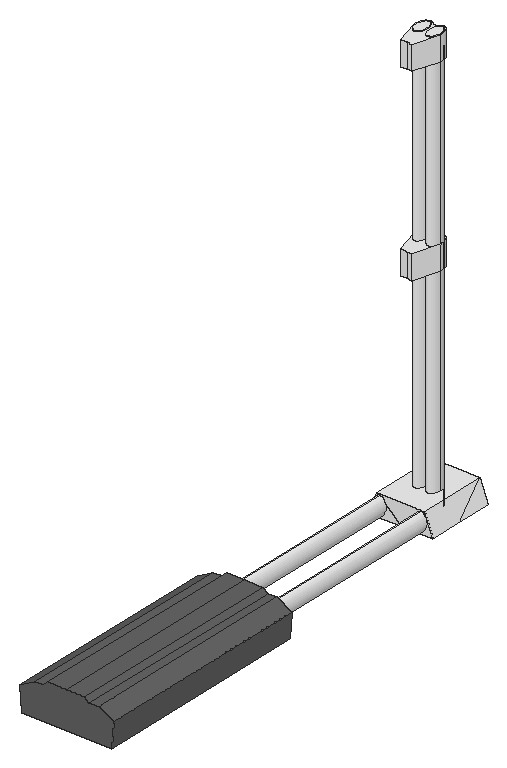
Revit family "HCL_Latchways_BaluAndGuardSym_VersiRail_Folding", category Railings, host Face, Revit 2014
Parameters (values of type "BalustradeAndGuardingSystem_VersiRailFolding_StraightStraight_MSA_Latchways")
  WarrantyStartDate [instance] = "1900-12-31T23:59:59"
  WarrantyGuarantorParts = "n/a"
  WarrantyGuarantorLabor = "n/a"
  WarrantyDurationUnit = "year"
  WarrantyDurationParts = "n/a"
  WarrantyDurationLabor = "n/a"
  WarrantyDescription = "n/a"
  Version = "1"  # constant formula
  Uniclass2 = "Ss_25_15_60_05"
  URL = "www.latchways.com"
  Type Comments = "n/a"
  TagNumber [instance] = "n/a"
  SustainabilityPerformance = "n/a"
  SupportMaterial = LWplc_Latchwaysplc_Aluminium_Polished
  StraightUpright = yes
  StraightLeg = yes
  Size = "235 x 1310 x 1150 mm"
  Shape = "n/a"
  ServiceLifeDuration = "n/a"
  SerialNumber [instance] = "n/a"
  RightLeg = no
  Revision = "n/a"
  ReplacementCost = "n/a"
  Reference = "n/a"
  RailMaterial = LWplc_Latchwaysplc_Aluminium_Polished
  RailAngle = 90.00°
  ProductInformation = "www.latchways.com/BIM/Latchways_FreestandingFoldingStraightVersiRail_Datasheet.pdf"
  NominalWidth = 253 mm
  NominalLength = 1310 mm
  NominalHeight = 1150 mm
  Name = "BalustradeAndGuardingSystem_VersiRailFolding_StraightStraight_MSA_Latchways"
  NBSReference = "25-25-10/110"
  NBSNote = "n/a"
  NBSDescription = "Balustrade and guarding system"
  ModelReference = "VersiRail - Straight Freestanding Foldable assembly"
  ModelNumber = "22304-00+22080-01"
  Model = "22304-00+22080-01"
  Material = "Handrails & Uprights: Aluminium; Counterweight: Concrete filled HDPE with UV protection"
  ManufacturerURL = "www.latchways.com"
  ManufacturerName = "MSA Latchways"
  Manufacturer = "info@latchways.com"
  LeftLeg = no
  IsExternal = yes
  Installer Website = "https://www.hclsafety.com/"
  Installer Info = "https://www.hclsafety.com/wp-content/uploads/2017/10/AC55-HCL-A4-brochure-2017.pdf"
  InstallationDate [instance] = "1900-12-31T23:59:59"
  InclinedUpright = no
  IfcExportType = "IfcRailing"  # constant formula
  IfcExportAs = "GUARDRAIL"  # constant formula
  Height = 1150 mm
  Grade = "n/a"
  Finish = "n/a"
  Features = "n/a"
  ExpectedLife = "n/a"
  DurationUnit = "year"
  Diameter = 40 mm
  Description = "Latchways ManSafe® for Roofing, using VersiRail"
  Default Elevation = 1219.2 mm
  CurvedUpright = no
  CounterWeightMaterial = LWplc_Latchwaysplc_Plastic_VersiRailWeight
  Constituents = "n/a"
  Color = "n/a"
  CodePerformance = "n/a"
  Category = "n/a"
  BarCode [instance] = "n/a"
  BIMObjectName = "HCL_Latchwaysplc_BalustradeAndGuardingSystem_VersiRailFolding_StraightStraight"
  Author = "MSA Latchways"  # constant formula
  AssetType = "Movable"
  AssetIdentifier [instance] = "n/a"
  AccessibilityPerformance = "n/a"
Types (10, lengths in mm): name | StraightUpright | StraightLeg | RightLeg | Name | ModelNumber | Model | ManufacturerName | LeftLeg | InclinedUpright | CurvedUpright | CounterWeightMaterial | BIMObjectName
  (no name) | yes | yes | no | "BalustradeAndGuardingSystem_VersiRailFolding_StraightStraight_MSA_Latchways" | "22304-00+22080-01" | "22304-00+22080-01" | "MSA Latchways" | no | no | no | LWplc_Latchwaysplc_Plastic_VersiRailWeight | "HCL_Latchwaysplc_BalustradeAndGuardingSystem_VersiRailFolding_StraightStraight"
  BalustradeAndGuardingSystem_VersiRailFolding_CurvedLeft_MSA_Latchways | no | no | no | "BalustradeAndGuardingSystem_VersiRailFolding_CurvedLeft_MSA_Latchways" | "22303-00+22080-01" | "22303-00+22080-01" | "MSA Latchways" | yes | no | yes | LWplc_Latchwaysplc_VersiRailWeight | "HCL_Latchways_BalustradeAndGuardingSystem_VersiRailFolding_CurvedLeft"
  BalustradeAndGuardingSystem_VersiRailFolding_CurvedRight_MSA_Latchways | no | no | yes | "BalustradeAndGuardingSystem_VersiRailFolding_CurvedRight_MSA_Latchways" | "22304-00+22080-01" | "22304-00+22080-01" | "MSA_Latchways" | no | no | yes | LWplc_Latchwaysplc_VersiRailWeight | "HCL_Latchways_BalustradeAndGuardingSystem_VersiRailFolding_CurvedRight"
  BalustradeAndGuardingSystem_VersiRailFolding_CurvedStraight_MSA_Latchways | no | yes | no | "BalustradeAndGuardingSystem_VersiRailFolding_CurvedStraight_MSA_Latchways" | "22303-00+22080-01" | "22303-00+22080-01" | "MSA Latchways" | no | no | yes | LWplc_Latchwaysplc_VersiRailWeight | "HCL_Latchwaysplc_BalustradeAndGuardingSystem_VersiRailFolding_CurvedStraight"
  BalustradeAndGuardingSystem_VersiRailFolding_InclinedLeft_MSA_Latchways | no | no | no | "BalustradeAndGuardingSystem_VersiRailFolding_InclinedLeft_MSA_Latchways" | "22303-00+22080-01" | "22303-00+22080-01" | "MSA Latchways" | yes | yes | no | LWplc_Latchwaysplc_VersiRailWeight | "HCL_Latchways_BalustradeAndGuardingSystem_VersiRailFolding_InclinedLeft"
  BalustradeAndGuardingSystem_VersiRailFolding_InclinedRight_MSA_Latchways | no | no | yes | "BalustradeAndGuardingSystem_VersiRailFolding_InclinedRight_MSA_Latchways" | "22304-00+22080-01" | "22304-00+22080-01" | "MSA Latchways" | no | yes | no | LWplc_Latchwaysplc_VersiRailWeight | "HCL_Latchways_BalustradeAndGuardingSystem_VersiRailFolding_InclinedRight"
  BalustradeAndGuardingSystem_VersiRailFolding_InclinedStraight_MSA_Latchways | no | yes | no | "BalustradeAndGuardingSystem_VersiRailFolding_InclinedStraight_MSA_Latchways" | "22303-00+22080-01" | "22303-00+22080-01" | "MSA Latchways" | no | yes | no | LWplc_Latchwaysplc_VersiRailWeight | "HCL_Latchways_BalustradeAndGuardingSystem_VersiRailFolding_InclinedStraight"
  BalustradeAndGuardingSystem_VersiRailFolding_StraightLeft_MSA_Latchways | yes | no | no | "BalustradeAndGuardingSystem_VersiRailFolding_StraightLeft_MSA_Latchways" | "22303-00+22080-01" | "22303-00+22080-01" | "MSA Latchways" | yes | no | no | LWplc_Latchwaysplc_VersiRailWeight | "HCL_Latchways_BalustradeAndGuardingSystem_VersiRailFolding_StraightLeft"
  BalustradeAndGuardingSystem_VersiRailFolding_StraightRight_MSA_Latchways | yes | no | yes | "BalustradeAndGuardingSystem_VersiRailFolding_StraightRight_MSA_Latchways" | "22304-00+22080-01" | "22304-00+22080-01" | "MSA Latchways" | no | no | no | LWplc_Latchwaysplc_VersiRailWeight | "HCL_Latchways_BalustradeAndGuardingSystem_VersiRailFolding_StraightRight"
  BalustradeAndGuardingSystem_VersiRailFolding_StraightStraight_MSA_Latchways | yes | yes | no | "BalustradeAndGuardingSystem_VersiRailFolding_StraightStraight_MSA_Latchways" | "22304-00+22080-01" | "22304-00+22080-01" | "MSA Latchways" | no | no | no | LWplc_Latchwaysplc_Plastic_VersiRailWeight | "HCL_Latchwaysplc_BalustradeAndGuardingSystem_VersiRailFolding_StraightStraight"
Reference planes
  plane 1 "Center (Front/Back)": y = 0
  plane 2: z = 0
  plane 3 "Center (Left/Right)": x = 0
Forms (mm)
  Blend 1, solid, material "LWplc_Latchwaysplc_Aluminium_Polished" <- "SupportMaterial"
    base sketch origin (-1219.2, 0, 0) x (1, 0, 0) y (0, 1, 0)
      loop
        line (1219.2, -93) -> (1305.2, -93) -> (1305.2, 0) -> (1305.2, 93) -> (1254.2, 111) -> (1219.2, 111) -> (1184.2, 111) -> (1133.2, 93) -> (1133.2, 0) -> (1133.2, -93) -> (1219.2, -93)
    top sketch origin (-1219.2, 0, 0) x (1, 0, 0) y (0, 1, 0)
      loop
        line (1154.4, 93.2) -> (1154.4, -93) -> (1284, -93) -> (1284, 93.2) -> (1219.2, 93.2) -> (1154.4, 93.2)
    from 0 to 58.3
  Extrusion 2, solid, material "LWplc_Latchwaysplc_Aluminium_Polished" <- "SupportMaterial", visible <- "StraightLeg"
    sketch origin (0, 0, 0) x (1, 0, 0) y (0, 0, 1)
      loop
        spline (-54.9, 55) -> (-58.705, 54.182) -> (-62.25, 51.785) -> (-65.294, 47.971) -> (-67.631, 43) -> (-69.099, 37.212) -> (-69.6, 31) -> (-69.099, 24.788) -> (-67.631, 19) -> (-65.294, 14.029) -> (-62.25, 10.215) -> (-58.705, 7.818) -> (-54.9, 7)
        spline (-54.9, 7) -> (-51.095, 7.818) -> (-47.55, 10.215) -> (-44.506, 14.029) -> (-42.169, 19) -> (-40.701, 24.788) -> (-40.2, 31) -> (-40.701, 37.212) -> (-42.169, 43) -> (-44.506, 47.971) -> (-47.55, 51.785) -> (-51.095, 54.182) -> (-54.9, 55)
      loop
        spline (54.9, 55) -> (51.095, 54.182) -> (47.55, 51.785) -> (44.506, 47.971) -> (42.169, 43) -> (40.701, 37.212) -> (40.2, 31) -> (40.701, 24.788) -> (42.169, 19) -> (44.506, 14.029) -> (47.55, 10.215) -> (51.095, 7.818) -> (54.9, 7)
        spline (54.9, 7) -> (58.705, 7.818) -> (62.25, 10.215) -> (65.294, 14.029) -> (67.631, 19) -> (69.099, 24.788) -> (69.6, 31) -> (69.099, 37.212) -> (67.631, 43) -> (65.294, 47.971) -> (62.25, 51.785) -> (58.705, 54.182) -> (54.9, 55)
    from 93 to 946
  Sweep 3, solid, material "LWplc_Latchwaysplc_Aluminium_Polished" <- "SupportMaterial", visible <- "LeftLeg"
    path origin (-2.5, 0, 0) x (1, 0, 0) y (0, 1, 0)
      loop
        arc (40.056, -82.888) -> (61.188, -180.833) -> (120.984, -261.233) r 236.461
        line (120.984, -261.233) -> (375, -515.249)
    profile origin (58.688, -180.833, 0) x (0.910632, 0.413219, 0) y (0, 0, 1)
      loop
        spline (17.303, 55) -> (13.86, 54.182) -> (10.653, 51.785) -> (7.898, 47.971) -> (5.784, 43) -> (4.456, 37.212) -> (4.003, 31) -> (4.456, 24.788) -> (5.784, 19) -> (7.898, 14.029) -> (10.653, 10.215) -> (13.86, 7.818) -> (17.303, 7)
        spline (17.303, 7) -> (20.745, 7.818) -> (23.953, 10.215) -> (26.707, 14.029) -> (28.821, 19) -> (30.149, 24.788) -> (30.603, 31) -> (30.149, 37.212) -> (28.821, 43) -> (26.707, 47.971) -> (23.953, 51.785) -> (20.745, 54.182) -> (17.303, 55)
  Sweep 4, solid, material "LWplc_Latchwaysplc_Aluminium_Polished" <- "SupportMaterial", visible <- "LeftLeg"
    path origin (-114.659, 0, 0) x (1, 0, 0) y (0, 1, 0)
      loop
        arc (40.056, -82.888) -> (61.188, -180.833) -> (120.984, -261.233) r 236.461
        line (120.984, -261.233) -> (375, -515.249)
    profile origin (-53.471, -180.833, 0) x (0.910632, 0.413219, 0) y (0, 0, 1)
      loop
        spline (17.303, 55) -> (13.86, 54.182) -> (10.653, 51.785) -> (7.898, 47.971) -> (5.784, 43) -> (4.456, 37.212) -> (4.003, 31) -> (4.456, 24.788) -> (5.784, 19) -> (7.898, 14.029) -> (10.653, 10.215) -> (13.86, 7.818) -> (17.303, 7)
        spline (17.303, 7) -> (20.745, 7.818) -> (23.953, 10.215) -> (26.707, 14.029) -> (28.821, 19) -> (30.149, 24.788) -> (30.603, 31) -> (30.149, 37.212) -> (28.821, 43) -> (26.707, 47.971) -> (23.953, 51.785) -> (20.745, 54.182) -> (17.303, 55)
  Sweep 5, solid, material "LWplc_Latchwaysplc_Aluminium_Polished" <- "SupportMaterial", visible <- "RightLeg"
    path origin (2.5, 0, 0) x (-1, 0, 0) y (0, 1, 0)
      loop
        arc (40.056, -82.888) -> (61.188, -180.833) -> (120.984, -261.233) r 236.461
        line (120.984, -261.233) -> (375, -515.249)
    profile origin (-58.688, -180.833, 0) x (0.910632, -0.413219, 0) y (0, 0, 1)
      loop
        spline (-17.303, 55) -> (-20.745, 54.182) -> (-23.953, 51.785) -> (-26.707, 47.971) -> (-28.821, 43) -> (-30.149, 37.212) -> (-30.603, 31) -> (-30.149, 24.788) -> (-28.821, 19) -> (-26.707, 14.029) -> (-23.953, 10.215) -> (-20.745, 7.818) -> (-17.303, 7)
        spline (-17.303, 7) -> (-13.86, 7.818) -> (-10.653, 10.215) -> (-7.898, 14.029) -> (-5.784, 19) -> (-4.456, 24.788) -> (-4.003, 31) -> (-4.456, 37.212) -> (-5.784, 43) -> (-7.898, 47.971) -> (-10.653, 51.785) -> (-13.86, 54.182) -> (-17.303, 55)
  Sweep 6, solid, material "LWplc_Latchwaysplc_Aluminium_Polished" <- "SupportMaterial", visible <- "RightLeg"
    path origin (114.659, 0, 0) x (-1, 0, 0) y (0, 1, 0)
      loop
        arc (40.056, -82.888) -> (61.188, -180.833) -> (120.984, -261.233) r 236.461
        line (120.984, -261.233) -> (375, -515.249)
    profile origin (53.471, -180.833, 0) x (0.910632, -0.413219, 0) y (0, 0, 1)
      loop
        spline (-17.303, 55) -> (-20.745, 54.182) -> (-23.953, 51.785) -> (-26.707, 47.971) -> (-28.821, 43) -> (-30.149, 37.212) -> (-30.603, 31) -> (-30.149, 24.788) -> (-28.821, 19) -> (-26.707, 14.029) -> (-23.953, 10.215) -> (-20.745, 7.818) -> (-17.303, 7)
        spline (-17.303, 7) -> (-13.86, 7.818) -> (-10.653, 10.215) -> (-7.898, 14.029) -> (-5.784, 19) -> (-4.456, 24.788) -> (-4.003, 31) -> (-4.456, 37.212) -> (-5.784, 43) -> (-7.898, 47.971) -> (-10.653, 51.785) -> (-13.86, 54.182) -> (-17.303, 55)
Lines and regions (mm)
  reference lines
    curve 1: line (0, 0, 0) -> (0, -1300, 0)
    curve 2: line (0, 0, 0) -> (0, 0, 1260)
  symbolic lines, style "Projected Supports"
    curve 3: line (0, -12.422, 106.415) -> (0, -1060.451, 387.234)
    curve 4: line (0, -1060.451, 387.234) -> (0, -1059.415, 391.101)
    curve 5: line (0, -1059.415, 391.101) -> (0, -1122.2, 407.924)
    curve 6: line (0, -1122.2, 407.924) -> (0, -1148.662, 309.166)
    curve 7: line (0, -1148.662, 309.166) -> (0, -1085.877, 292.343)
    curve 8: line (0, -12.422, 106.415) -> (0, -25.314, 58.3)
    curve 9: line (0, -25.314, 58.3) -> (0, -585.551, 208.415)
    curve 10: line (0, -572.659, 256.53) -> (0, -598.084, 161.64)
    curve 11: line (0, -598.084, 161.64) -> (0, -660.87, 178.463)
    curve 12: line (0, -660.87, 178.463) -> (0, -635.444, 273.353)
    curve 13: line (0, -648.44, 224.85) -> (0, -1073.448, 338.73)
    curve 14: line (0, -1060.451, 387.234) -> (0, -1085.877, 292.343)
    curve 15: arc (0, -73.238, 1127.5) -> (0, -696.681, 924.58) -> (0, -1088.478, 398.888) r 1081.966
    curve 16: arc (0, -73.238, 622.5) -> (0, -389.245, 520.799) -> (0, -599.177, 263.636) r 585.558
    curve 17: line (0, -73.238, 1127.5) -> (0, 0, 1127.5)
    curve 18: line (0, -73.238, 622.5) -> (0, 0, 622.5)
    curve 19: line (0, -604.051, 264.942) -> (0, -629.477, 170.051)
    curve 20: line (0, -1088.478, 398.888) -> (0, -1114.94, 300.131)
Dimensions and locks
  "RailAngle": angle curve 1 to curve 2
  aligned and locked: plane 2 to host face
  aligned and locked: level to host face
  aligned and locked: Extrusion 2 to Blend 1
Automatic sketch dimensions
  host sketch curve to host sketch curve = 2439.2 mm
  host sketch curve to host sketch curve = 3060.661 mm
  plane 1 "Center (Front/Back)" to Blend 1 sketch curve = 0 mm  (x2)
  Blend 1 sketch curve to plane 3 "Center (Left/Right)" = 0 mm  (x3)
  plane 1 "Center (Front/Back)" to Blend 1 sketch curve = 93 mm  (x2)
  Blend 1 sketch curve to plane 3 "Center (Left/Right)" = 35 mm
  Blend 1 sketch curve to plane 3 "Center (Left/Right)" = 86 mm
  Blend 1 sketch curve to Blend 1 sketch curve = 35 mm
  Blend 1 sketch curve to Blend 1 sketch curve = 51 mm
  Blend 1 sketch curve to plane 1 "Center (Front/Back)" = 93 mm  (x2)
  Blend 1 sketch curve to Blend 1 sketch curve = 18 mm
  Blend 1 sketch curve to plane 3 "Center (Left/Right)" = 64.8 mm
  Blend 1 sketch curve to Blend 1 sketch curve = 64.8 mm
  Blend 1 sketch curve to plane 1 "Center (Front/Back)" = 93.2 mm
  Extrusion 2 sketch curve to plane 3 "Center (Left/Right)" = 54.9 mm
  plane 3 "Center (Left/Right)" to Extrusion 2 sketch curve = 54.9 mm
  level to Extrusion 2 sketch curve = 31 mm  (x2)
  Extrusion 2 sketch curve to Extrusion 2 sketch curve = 24 mm  (x2)
  plane 3 "Center (Left/Right)" to Sweep 3 sketch curve = 118.484 mm
  plane 1 "Center (Front/Back)" to Sweep 3 sketch curve = 261.233 mm
  plane 3 "Center (Left/Right)" to Sweep 3 sketch curve = 37.556 mm
  plane 1 "Center (Front/Back)" to Sweep 3 sketch curve = 83.123 mm
  Sweep 3 sketch curve to Sweep 3 sketch curve = 236.461 mm
  Sweep 3 sketch curve to Sweep 3 sketch curve = 254.016 mm  (x2)
  Sweep 3 sketch curve to profile plane = 17.303 mm
  level to Sweep 3 sketch curve = 31 mm
  Sweep 3 sketch curve to Sweep 3 sketch curve = 24 mm
  plane 3 "Center (Left/Right)" to Sweep 4 sketch curve = 6.325 mm
  plane 1 "Center (Front/Back)" to Sweep 4 sketch curve = 261.233 mm
  Sweep 4 sketch curve to plane 3 "Center (Left/Right)" = 74.603 mm
  plane 1 "Center (Front/Back)" to Sweep 4 sketch curve = 83.123 mm
  plane 3 "Center (Left/Right)" to Sweep 4 sketch curve = 161.858 mm
  plane 3 "Center (Left/Right)" to Sweep 4 sketch curve = 260.341 mm
  Sweep 4 sketch curve to Sweep 4 sketch curve = 254.016 mm
  Sweep 4 sketch curve to profile plane = 17.303 mm
  level to Sweep 4 sketch curve = 31 mm
  Sweep 4 sketch curve to Sweep 4 sketch curve = 24 mm
  plane 3 "Center (Left/Right)" to Sweep 5 sketch curve = 118.484 mm
  Sweep 5 sketch curve to plane 1 "Center (Front/Back)" = 261.233 mm
  plane 3 "Center (Left/Right)" to Sweep 5 sketch curve = 37.556 mm
  Sweep 5 sketch curve to plane 1 "Center (Front/Back)" = 83.123 mm
  Sweep 5 sketch curve to Sweep 5 sketch curve = 155.533 mm
  Sweep 5 sketch curve to Sweep 5 sketch curve = 254.016 mm  (x2)
  profile plane to Sweep 5 sketch curve = 17.303 mm
  level to Sweep 5 sketch curve = 31 mm
  Sweep 5 sketch curve to Sweep 5 sketch curve = 24 mm
  plane 3 "Center (Left/Right)" to Sweep 6 sketch curve = 6.325 mm
  Sweep 6 sketch curve to plane 1 "Center (Front/Back)" = 261.233 mm
  Sweep 6 sketch curve to plane 3 "Center (Left/Right)" = 74.603 mm
  Sweep 6 sketch curve to plane 1 "Center (Front/Back)" = 83.123 mm
  plane 3 "Center (Left/Right)" to Sweep 6 sketch curve = 161.858 mm
  plane 3 "Center (Left/Right)" to Sweep 6 sketch curve = 260.341 mm
  Sweep 6 sketch curve to Sweep 6 sketch curve = 254.016 mm
  profile plane to Sweep 6 sketch curve = 17.303 mm
  level to Sweep 6 sketch curve = 31 mm
  Sweep 6 sketch curve to Sweep 6 sketch curve = 24 mm
  plane 1 "Center (Front/Back)" to curve 8 = 25.314 mm
  level to curve 8 = 58.3 mm
  plane 1 "Center (Front/Back)" to curve 8 = 12.422 mm
  curve 18 to plane 1 "Center (Front/Back)" = 0 mm
  curve 17 to plane 1 "Center (Front/Back)" = 0 mm
  curve 8 to curve 8 = 48.115 mm
  level to curve 10 = 161.64 mm
  curve 10 to curve 12 = 16.823 mm
  level to curve 7 = 292.343 mm
  curve 7 to curve 7 = 16.823 mm
  curve 7 to curve 4 = 94.891 mm
  curve 3 to curve 4 = 3.867 mm
  plane 1 "Center (Front/Back)" to curve 18 = 73.238 mm
  plane 1 "Center (Front/Back)" to curve 17 = 73.238 mm
  level to curve 16 = 37.11 mm
  curve 16 to curve 15 = 8.45 mm
  curve 19 to curve 11 = 8.412 mm
  curve 10 to curve 9 = 46.776 mm
  curve 11 to curve 13 = 46.387 mm
  curve 16 to curve 19 = 1.306 mm
  curve 7 to curve 20 = 7.787 mm
  curve 15 to curve 20 = 0 mm
  curve 16 to curve 15 = 6.621 mm
  level to curve 18 = 622.5 mm
  curve 1 to level = 0 mm
  curve 2 to plane 1 "Center (Front/Back)" = 0 mm
Nested families
  nested 1: "LWplc_VersiRail_CounterWeight" at (0, -617.5, 0), visible <- "StraightLeg", type "LWplc_VersiRail_CounterWeight"
  nested 2: "LWplc_VersiRail_CounterWeight" at (134.405, -301.595, 0) x (0.7071, 0.7071, 0) z (0, 0, 1), visible <- "LeftLeg", type "LWplc_VersiRail_CounterWeight"
  nested 3: "LWplc_VersiRail_CounterWeight" at (-134.405, -301.595, 0) x (-0.7071, 0.7071, 0) z (0, 0, 1), visible <- "RightLeg", type "LWplc_VersiRail_CounterWeight"
  nested 4: "LWplc_VersiRail_StraightUpright" at (0.525, -21.338, 0), visible <- "StraightUpright", type "LWplc_VersiRail_StraightUpright"
    with PostBaseGap 10 mm
  nested 5: "LWplc_VersiRail_InclinedUpright" at (1.22, 25.051, 0) x (-1, 0, 0) z (0, 0, 1), visible <- "InclinedUpright", type "LWplc_VersiRail_InclinedUpright"
    with PostBaseGap 10 mm
  nested 6: "LWplc_VersiRail_CurvedUpright" at (0.301, 3.305, 0) x (-1, 0, 0) z (0, 0, 1), visible <- "CurvedUpright", type "LWplc_VersiRail_CurvedUpright"
    with PostBaseGap 10 mm
Definition of nested family "LWplc_VersiRail_CounterWeight"
  Parameters (values of type "LWplc_VersiRail_CounterWeight")
    Default Elevation = 1219.2 mm
    CounterWeightWidth = 252 mm
    CounterWeightMaterial = LWplc_Latchwaysplc_Plastic_VersiRailWeight
    CounterWeightLength = 600 mm
    CounterWeightHeight = 100 mm
  Reference planes
    plane 1 "Center (Front/Back)": y = 0
    plane 2: z = 0
    plane 3 "Center (Left/Right)": x = 0
    plane 4: y = -600
    plane 5: x = -126
    plane 6: x = 126
    plane 7: x = -85.5
    plane 8: x = 85.5
    plane 9: x = -60.6
    plane 10: x = 60.6
    plane 11: x = -49.5
    plane 12: x = 49.5
    plane 13: z = 66.8
    plane 14: z = 88.9
    plane 15: z = 100
  Forms (mm)
    Extrusion 1, solid
      sketch origin (0, 0, 0) x (1, 0, 0) y (0, 1, 0)
        loop
          line (-1219.2, 1219.2) -> (-1219.2, -1219.2) -> (1219.2, -1219.2) -> (1219.2, 1219.2) -> (-1219.2, 1219.2)
      from 0 to -304.8
    Extrusion 2, solid, material "LWplc_Latchwaysplc_Plastic_VersiRailWeight" <- "CounterWeightMaterial", detail levels medium+fine
      sketch origin (0, 0, 0) x (1, 0, 0) y (0, 0, 1)
        loop
          line (0, 0) -> (120.3, 0) -> (126, 66.8) -> (85.5, 88.9) -> (60.6, 88.9) -> (49.5, 100) -> (0, 100) -> (-49.5, 100) -> (-60.6, 88.9) -> (-85.5, 88.9) -> (-126, 66.8) -> (-120.3, 0) -> (0, 0)
      from 0 to 600
    Extrusion 3, solid, material "LWplc_Latchwaysplc_Plastic_VersiRailWeight" <- "CounterWeightMaterial", detail levels coarse
      sketch origin (0, 0, 0) x (1, 0, 0) y (0, 0, 1)
        loop
          line (-126, 100) -> (-126, 0) -> (126, 0) -> (126, 100) -> (-126, 100)
      from 0 to 600
  Lines and regions (mm)
    model lines, detail levels fine
      curve 1: circle (0, -43.7, 100) r 25 normal (0, 0, 1)
      curve 2: circle (0, -143.7, 100) r 25 normal (0, 0, 1)
  Dimensions and locks
    "CounterWeightLength": plane 1 "Center (Front/Back)" to plane 4
    equal spacing: plane 5, plane 3 "Center (Left/Right)", plane 6
    "CounterWeightWidth": plane 6 to plane 5
    locked: plane 15 to plane 14 at 11.1
    "CounterWeightHeight": plane 15 to plane 2
    locked: plane 14 to plane 13 at 22.1
    aligned and locked: plane 2 to Extrusion 1
    aligned and locked: level to Extrusion 1
    aligned and locked: Extrusion 2 to plane 4
    aligned and locked: plane 15 to Extrusion 2
    aligned and locked: plane 5 to Extrusion 2 sketch curve
    aligned and locked: plane 6 to Extrusion 2 sketch curve
    aligned and locked: plane 14 to Extrusion 2  (x2)
    aligned and locked: Extrusion 3 sketch curve to plane 15
    aligned and locked: plane 5 to Extrusion 3 sketch curve
    aligned and locked: level to Extrusion 3 sketch curve
    aligned and locked: plane 6 to Extrusion 3 sketch curve
    aligned and locked: Extrusion 3 to plane 1 "Center (Front/Back)"
    aligned and locked: Extrusion 3 to plane 4
  Automatic sketch dimensions
    Extrusion 1 sketch curve to Extrusion 1 sketch curve = 2438.4 mm  (x2)
    Extrusion 2 sketch curve to level = 0 mm
    Extrusion 2 sketch curve to plane 7 = 0 mm
    plane 9 to Extrusion 2 sketch curve = 0 mm
    Extrusion 2 sketch curve to plane 11 = 0 mm
    Extrusion 2 sketch curve to plane 3 "Center (Left/Right)" = 0 mm  (x2)
    plane 12 to Extrusion 2 sketch curve = 0 mm
    Extrusion 2 sketch curve to plane 10 = 0 mm
    plane 8 to Extrusion 2 sketch curve = 0 mm
    Extrusion 2 sketch curve to plane 13 = 0 mm  (x2)
    Extrusion 2 sketch curve to plane 14 = 0 mm  (x2)
    Extrusion 2 sketch curve to plane 15 = 0 mm
    plane 5 to Extrusion 2 sketch curve = 5.7 mm
    plane 6 to Extrusion 2 sketch curve = 5.7 mm
    curve 1 to Extrusion 2 = 0 mm
    curve 2 to Extrusion 2 = 0 mm
    Extrusion 2 to curve 1 = 43.7 mm
    curve 1 to curve 2 = 100 mm
    radius of curve 1 = 25 mm
    radius of curve 2 = 25 mm
Definition of nested family "LWplc_VersiRail_StraightUpright"
  Parameters (values of type "LWplc_VersiRail_StraightUpright")
    RailMaterial = LWplc_Latchwaysplc_Aluminium_Polished
    PostBaseGap [instance] = 10 mm
    Heightof Post = 1150 mm
    Default Elevation = 1219.2 mm
  Reference planes
    plane 1 "Center (Front/Back)": y = 0
    plane 2: z = 0
    plane 3 "Center (Left/Right)": x = 0
    plane 4: z = 10
    plane 5: z = 1160
    plane 6: z = 1095
    plane 7: z = 655
    plane 8: z = 590
    plane 9: z = 1050
    plane 10: z = 622.5
    plane 11: y = -26.25
    plane 12: z = 1127.5
  Forms (mm)
    Extrusion 1, solid
      sketch origin (0, 0, 0) x (1, 0, 0) y (0, 1, 0)
        loop
          line (-1219.2, 1219.2) -> (-1219.2, -1219.2) -> (1219.2, -1219.2) -> (1219.2, 1219.2) -> (-1219.2, 1219.2)
      from 0 to -304.8
    Extrusion 2, solid, material "LWplc_Latchwaysplc_Aluminium_Polished" <- "RailMaterial", detail levels medium+fine
      sketch origin (0, 108.1, 590) x (1, 0, 0) y (0, 1, 0)
        loop
          line (0, -160) -> (15, -160) -> (36.16, -90.929)
          spline (36.16, -90.929) -> (36.327, -85.309) -> (35.805, -79.744) -> (34.612, -74.442) -> (32.795, -69.604) -> (30.42, -65.412) -> (27.579, -62.024) -> (24.376, -59.566) -> (20.934, -58.132) -> (17.382, -57.775) -> (13.852, -58.509) -> (10.479, -60.307) -> (7.389, -63.1)
          line (7.389, -63.1) -> (-7.389, -63.1)
          spline (-7.389, -63.1) -> (-10.479, -60.307) -> (-13.852, -58.509) -> (-17.382, -57.775) -> (-20.934, -58.132) -> (-24.376, -59.566) -> (-27.579, -62.024) -> (-30.42, -65.412) -> (-32.795, -69.604) -> (-34.612, -74.442) -> (-35.805, -79.744) -> (-36.327, -85.309) -> (-36.16, -90.929)
          line (-36.16, -90.929) -> (-15, -160) -> (0, -160)
      from 0 to 65
    Extrusion 3, solid, material "LWplc_Latchwaysplc_Aluminium_Polished" <- "RailMaterial"
      sketch origin (0, -2.821, 0) x (1, 0, 0) y (0, 1, 0)
        loop
          spline (-32.35, 24.159) -> (-31.861, 17.688) -> (-30.428, 11.659) -> (-28.147, 6.481) -> (-25.175, 2.508) -> (-21.714, 0.011) -> (-18, -0.841) -> (-14.286, 0.011) -> (-10.825, 2.508) -> (-7.853, 6.481) -> (-5.573, 11.659) -> (-4.139, 17.688) -> (-3.65, 24.159)
          spline (-3.65, 24.159) -> (-4.139, 30.629) -> (-5.573, 36.659) -> (-7.853, 41.837) -> (-10.825, 45.81) -> (-14.286, 48.307) -> (-18, 49.159) -> (-21.714, 48.307) -> (-25.175, 45.81) -> (-28.147, 41.837) -> (-30.428, 36.659) -> (-31.861, 30.629) -> (-32.35, 24.159)
        loop
          spline (32.35, 24.159) -> (31.861, 30.629) -> (30.428, 36.659) -> (28.147, 41.837) -> (25.175, 45.81) -> (21.714, 48.307) -> (18, 49.159) -> (14.286, 48.307) -> (10.825, 45.81) -> (7.853, 41.837) -> (5.573, 36.659) -> (4.139, 30.629) -> (3.65, 24.159)
          spline (3.65, 24.159) -> (4.139, 17.688) -> (5.573, 11.659) -> (7.853, 6.481) -> (10.825, 2.508) -> (14.286, 0.011) -> (18, -0.841) -> (21.714, 0.011) -> (25.175, 2.508) -> (28.147, 6.481) -> (30.428, 11.659) -> (31.861, 17.688) -> (32.35, 24.159)
      from 10 to 1160
    Extrusion 4, solid, material "LWplc_Latchwaysplc_Aluminium_Polished" <- "RailMaterial", detail levels medium+fine
      sketch origin (0, 108.1, 1090) x (1, 0, 0) y (0, 1, 0)
        loop
          line (0, -160) -> (15, -160) -> (36.16, -90.929)
          spline (36.16, -90.929) -> (36.327, -85.309) -> (35.805, -79.744) -> (34.612, -74.442) -> (32.795, -69.604) -> (30.42, -65.412) -> (27.579, -62.024) -> (24.376, -59.566) -> (20.934, -58.132) -> (17.382, -57.775) -> (13.852, -58.509) -> (10.479, -60.307) -> (7.389, -63.1)
          line (7.389, -63.1) -> (-7.389, -63.1)
          spline (-7.389, -63.1) -> (-10.479, -60.307) -> (-13.852, -58.509) -> (-17.382, -57.775) -> (-20.934, -58.132) -> (-24.376, -59.566) -> (-27.579, -62.024) -> (-30.42, -65.412) -> (-32.795, -69.604) -> (-34.612, -74.442) -> (-35.805, -79.744) -> (-36.327, -85.309) -> (-36.16, -90.929)
          line (-36.16, -90.929) -> (-15, -160) -> (0, -160)
      from 5 to 70
  Lines and regions (mm)
    model lines, detail levels coarse
      curve 1: circle (0, -26.25, 622.5) r 20 normal (1, 0, 0)
      curve 2: circle (0, -26.25, 1127.5) r 20 normal (1, 0, 0)
  Dimensions and locks
    locked: plane 7 to plane 8 at 65
    "Heightof Post": plane 5 to plane 4
    locked: plane 5 to plane 6 at 65
    "PostBaseGap": plane 4 to plane 2
    locked: plane 10 to plane 7 at 32.5
    locked: plane 1 "Center (Front/Back)" to plane 11 at 26.25
    locked: plane 5 to plane 12 at 32.5
    aligned and locked: plane 2 to Extrusion 1
    aligned and locked: level to Extrusion 1
    aligned and locked: Extrusion 3 to plane 4
    aligned and locked: plane 5 to Extrusion 3
    aligned and locked: plane 7 to Extrusion 2
    aligned and locked: Extrusion 2 to plane 8
    aligned and locked: Extrusion 4 to Extrusion 3
    aligned and locked: Extrusion 4 to plane 6
    aligned and locked: plane 5 to Extrusion 4
    aligned and locked: plane 10 to curve 1
    aligned and locked: plane 11 to curve 1
    aligned and locked: plane 12 to curve 2
    aligned and locked: plane 11 to curve 2
  Automatic sketch dimensions
    Extrusion 1 sketch curve to Extrusion 1 sketch curve = 2438.4 mm  (x2)
    Extrusion 2 sketch curve to plane 3 "Center (Left/Right)" = 0 mm
    plane 11 to Extrusion 2 sketch curve = 25.65 mm
    Extrusion 2 sketch curve to plane 3 "Center (Left/Right)" = 7.389 mm
    Extrusion 2 sketch curve to plane 3 "Center (Left/Right)" = 15 mm
    Extrusion 2 sketch curve to plane 3 "Center (Left/Right)" = 36.16 mm
    plane 3 "Center (Left/Right)" to Extrusion 2 sketch curve = 7.389 mm
    Extrusion 2 sketch curve to Extrusion 2 sketch curve = 15 mm
    plane 3 "Center (Left/Right)" to Extrusion 2 sketch curve = 36.16 mm
    Extrusion 2 sketch curve to plane 3 "Center (Left/Right)" = 18 mm
    Extrusion 2 sketch curve to plane 3 "Center (Left/Right)" = 0.35 mm
    plane 3 "Center (Left/Right)" to Extrusion 2 sketch curve = 0.35 mm
    Extrusion 2 sketch curve to Extrusion 2 sketch curve = 17.65 mm
    Extrusion 2 sketch curve to plane 1 "Center (Front/Back)" = 17.171 mm  (x2)
    Extrusion 2 sketch curve to Extrusion 2 sketch curve = 27.829 mm
    Extrusion 3 sketch curve to plane 3 "Center (Left/Right)" = 32.35 mm
    Extrusion 3 sketch curve to Extrusion 3 sketch curve = 14.35 mm  (x2)
    plane 3 "Center (Left/Right)" to Extrusion 3 sketch curve = 3.65 mm
    Extrusion 3 sketch curve to plane 1 "Center (Front/Back)" = 21.338 mm  (x2)
    Extrusion 4 sketch curve to plane 3 "Center (Left/Right)" = 0 mm
    plane 11 to Extrusion 4 sketch curve = 25.65 mm
    Extrusion 4 sketch curve to plane 3 "Center (Left/Right)" = 7.389 mm
    Extrusion 4 sketch curve to plane 3 "Center (Left/Right)" = 15 mm
    Extrusion 4 sketch curve to plane 3 "Center (Left/Right)" = 36.16 mm
    plane 3 "Center (Left/Right)" to Extrusion 4 sketch curve = 7.389 mm
    Extrusion 4 sketch curve to Extrusion 4 sketch curve = 15 mm
    plane 3 "Center (Left/Right)" to Extrusion 4 sketch curve = 36.16 mm
    Extrusion 4 sketch curve to plane 3 "Center (Left/Right)" = 18 mm
    Extrusion 4 sketch curve to plane 3 "Center (Left/Right)" = 0.35 mm
    plane 3 "Center (Left/Right)" to Extrusion 4 sketch curve = 0.35 mm
    Extrusion 4 sketch curve to Extrusion 4 sketch curve = 17.65 mm
    Extrusion 4 sketch curve to plane 1 "Center (Front/Back)" = 17.171 mm  (x2)
    Extrusion 4 sketch curve to Extrusion 4 sketch curve = 27.829 mm
    radius of curve 1 = 20 mm
    radius of curve 2 = 20 mm
Definition of nested family "LWplc_VersiRail_InclinedUpright"
  Parameters (values of type "LWplc_VersiRail_InclinedUpright")
    RailMaterial = LWplc_Latchwaysplc_Aluminium_Polished
    PostExtention = Heightof Post - 640 mm  # 510 mm
    PostBaseGap [instance] = 10 mm
    Heightof Post = 1150 mm
    Default Elevation = 1150 mm
  Reference planes
    plane 1 "Center (Front/Back)": y = 0
    plane 2: z = 0
    plane 3 "Center (Left/Right)": x = 0
    plane 4: z = 10
  Forms (mm)
    Extrusion 1, solid
      sketch origin (0, 0, 0) x (1, 0, 0) y (0, 1, 0)
        loop
          line (-1219.2, 1219.2) -> (-1219.2, -1219.2) -> (1219.2, -1219.2) -> (1219.2, 1219.2) -> (-1219.2, 1219.2)
      from 0 to -304.8
    Sweep 2, solid, material "LWplc_Latchwaysplc_Aluminium_Polished" <- "RailMaterial"
      path origin (0.683, 0.704, 0) x (0, 1, 0) y (0, 0, 1)
        loop
          line (0, 10) -> (0, 124)
          arc (0, 124) -> (25.09, 396.969) -> (99.52, 660.791) r 1497.436
          line (99.52, 660.791) -> (307.434, 1126.486)
      profile origin (0.683, 0.704, 67) x (0, -1, 0) y (1, 0, 0)
        loop
          spline (-24.159, -32.35) -> (-17.688, -31.861) -> (-11.659, -30.428) -> (-6.481, -28.147) -> (-2.508, -25.175) -> (-0.011, -21.714) -> (0.841, -18) -> (-0.011, -14.286) -> (-2.508, -10.825) -> (-6.481, -7.853) -> (-11.659, -5.573) -> (-17.688, -4.139) -> (-24.159, -3.65)
          spline (-24.159, -3.65) -> (-30.629, -4.139) -> (-36.659, -5.573) -> (-41.837, -7.853) -> (-45.81, -10.825) -> (-48.307, -14.286) -> (-49.159, -18) -> (-48.307, -21.714) -> (-45.81, -25.175) -> (-41.837, -28.147) -> (-36.659, -30.428) -> (-30.629, -31.861) -> (-24.159, -32.35)
        loop
          spline (-24.159, 32.35) -> (-30.629, 31.861) -> (-36.659, 30.428) -> (-41.837, 28.147) -> (-45.81, 25.175) -> (-48.307, 21.714) -> (-49.159, 18) -> (-48.307, 14.286) -> (-45.81, 10.825) -> (-41.837, 7.853) -> (-36.659, 5.573) -> (-30.629, 4.139) -> (-24.159, 3.65)
          spline (-24.159, 3.65) -> (-17.688, 4.139) -> (-11.659, 5.573) -> (-6.481, 7.853) -> (-2.508, 10.825) -> (-0.011, 14.286) -> (0.841, 18) -> (-0.011, 21.714) -> (-2.508, 25.175) -> (-6.481, 28.147) -> (-11.659, 30.428) -> (-17.688, 31.861) -> (-24.159, 32.35)
    Extrusion 3, solid, material "LWplc_Latchwaysplc_Aluminium_Polished" <- "RailMaterial", detail levels medium+fine
      sketch origin (0.683, 12.313, 602.504) x (1, 0, 0) y (0, 0.945519, -0.325568)
        loop
          line (0, 160) -> (-15, 160) -> (-36.16, 90.929)
          spline (-36.16, 90.929) -> (-36.327, 85.309) -> (-35.805, 79.744) -> (-34.612, 74.442) -> (-32.795, 69.604) -> (-30.42, 65.412) -> (-27.579, 62.024) -> (-24.376, 59.566) -> (-20.934, 58.132) -> (-17.382, 57.775) -> (-13.852, 58.509) -> (-10.479, 60.307) -> (-7.389, 63.1)
          line (-7.389, 63.1) -> (7.389, 63.1)
          spline (7.389, 63.1) -> (10.479, 60.307) -> (13.852, 58.509) -> (17.382, 57.775) -> (20.934, 58.132) -> (24.376, 59.566) -> (27.579, 62.024) -> (30.42, 65.412) -> (32.795, 69.604) -> (34.612, 74.442) -> (35.805, 79.744) -> (36.327, 85.309) -> (36.16, 90.929)
          line (36.16, 90.929) -> (15, 160) -> (0, 160)
      from 0 to 65
    Extrusion 4, solid, material "LWplc_Latchwaysplc_Aluminium_Polished" <- "RailMaterial", detail levels medium+fine
      sketch origin (-6.967, 323.906, 1119.446) x (1, 0, 0) y (0, 0.913127, -0.407676)
        loop
          line (7.262, 78.799) -> (-7.738, 78.799) -> (-28.898, 9.729)
          spline (-28.898, 9.729) -> (-29.066, 4.109) -> (-28.543, -1.457) -> (-27.351, -6.758) -> (-25.533, -11.596) -> (-23.159, -15.788) -> (-20.317, -19.177) -> (-17.115, -21.634) -> (-13.673, -23.069) -> (-10.12, -23.425) -> (-6.591, -22.691) -> (-3.217, -20.894) -> (-0.127, -18.101)
          line (-0.127, -18.101) -> (14.65, -18.101)
          spline (14.65, -18.101) -> (17.741, -20.894) -> (21.114, -22.691) -> (24.643, -23.425) -> (28.196, -23.069) -> (31.638, -21.634) -> (34.84, -19.177) -> (37.682, -15.788) -> (40.056, -11.596) -> (41.874, -6.758) -> (43.066, -1.457) -> (43.589, 4.109) -> (43.421, 9.729)
          line (43.421, 9.729) -> (22.262, 78.799) -> (7.262, 78.799)
      from 0 to -65
  Lines and regions (mm)
    model lines, detail levels coarse
      curve 1: circle (0, 361.015, 1067.805) r 20 normal (1, 0, 0)
      curve 2: circle (0, 153.399, 588.391) r 20 normal (1, 0, 0)
  Dimensions and locks
    "PostExtention": Sweep 2 sketch curve to Sweep 2 sketch curve
    locked: Extrusion 4 to curve 1 at 32.027
    locked: Extrusion 4 to curve 1 at 23.861
    locked: Extrusion 3 to curve 2 at 22.006
    locked: Extrusion 3 to curve 2 at 32.588
    locked: Sweep 2 sketch curve to level (angle 65.9411°)
    aligned and locked: plane 2 to Extrusion 1
    aligned and locked: level to Extrusion 1
  Automatic sketch dimensions
    Extrusion 1 sketch curve to Extrusion 1 sketch curve = 2438.4 mm  (x2)
    profile plane to Sweep 2 sketch curve = 24.159 mm
    Sweep 2 sketch curve to Sweep 2 sketch curve = 0 mm
    Sweep 2 sketch curve to profile plane = 32.35 mm
    Sweep 2 sketch curve to Sweep 2 sketch curve = 14.35 mm  (x2)
    profile plane to Sweep 2 sketch curve = 3.65 mm
    Extrusion 3 sketch curve to plane 3 "Center (Left/Right)" = 35.477 mm
    plane 3 "Center (Left/Right)" to Extrusion 3 sketch curve = 8.072 mm
    Extrusion 3 sketch curve to plane 3 "Center (Left/Right)" = 6.706 mm
    plane 3 "Center (Left/Right)" to Extrusion 3 sketch curve = 36.843 mm
    Extrusion 3 sketch curve to plane 3 "Center (Left/Right)" = 14.317 mm
    plane 3 "Center (Left/Right)" to Extrusion 3 sketch curve = 15.683 mm
    plane 3 "Center (Left/Right)" to Extrusion 3 sketch curve = 0.683 mm
    Extrusion 3 sketch curve to plane 3 "Center (Left/Right)" = 17.317 mm
    plane 3 "Center (Left/Right)" to Extrusion 3 sketch curve = 0.333 mm
    Extrusion 3 sketch curve to Extrusion 3 sketch curve = 0.7 mm
    Extrusion 3 sketch curve to Extrusion 3 sketch curve = 17.65 mm
    Extrusion 3 sketch curve to Extrusion 3 sketch curve = 27.829 mm
    Extrusion 3 sketch curve to Extrusion 3 sketch curve = 4.167 mm
    Extrusion 3 sketch curve to Extrusion 3 sketch curve = 69.071 mm
    Extrusion 4 sketch curve to Extrusion 4 sketch curve = 21.16 mm
    Extrusion 4 sketch curve to Extrusion 4 sketch curve = 28.771 mm  (x2)
    Extrusion 4 sketch curve to Extrusion 4 sketch curve = 15 mm  (x2)
    Extrusion 4 sketch curve to Extrusion 4 sketch curve = 14.778 mm
    Extrusion 4 sketch curve to Extrusion 4 sketch curve = 18.16 mm
    Extrusion 4 sketch curve to Extrusion 4 sketch curve = 17.65 mm  (x2)
    Extrusion 4 sketch curve to Extrusion 4 sketch curve = 0.7 mm
    Extrusion 4 sketch curve to Extrusion 4 sketch curve = 27.829 mm
    Extrusion 4 sketch curve to Extrusion 4 sketch curve = 4.167 mm
    Extrusion 4 sketch curve to Extrusion 4 sketch curve = 69.071 mm
    Sweep 2 sketch curve to plane 1 "Center (Front/Back)" = 0.704 mm
    plane 4 to Sweep 2 sketch curve = 114 mm
    Sweep 2 sketch curve to plane 4 = 0 mm
    Sweep 2 sketch curve to plane 1 "Center (Front/Back)" = 100.224 mm
    Sweep 2 sketch curve to Sweep 2 sketch curve = 1497.436 mm
    radius of curve 1 = 20 mm
    radius of curve 2 = 20 mm
Definition of nested family "LWplc_VersiRail_CurvedUpright"
  Parameters (values of type "LWplc_VersiRail_CurvedUpright")
    RailMaterial = LWplc_Latchwaysplc_Aluminium_Polished
    RadiusofPost = Heightof Post + 344 mm  # 1494 mm
    PostBaseGap [instance] = 10 mm
    Heightof Post = 1150 mm
    Default Elevation = 1219.2 mm
  Reference planes
    plane 1 "Center (Front/Back)": y = 0
    plane 2: z = 0
    plane 3 "Center (Left/Right)": x = 0
    plane 4: z = 10
  Forms (mm)
    Extrusion 1, solid
      sketch origin (0, 0, 0) x (1, 0, 0) y (0, 1, 0)
        loop
          line (-1219.2, 1219.2) -> (-1219.2, -1219.2) -> (1219.2, -1219.2) -> (1219.2, 1219.2) -> (-1219.2, 1219.2)
      from 0 to -304.8
    Sweep 2, solid, material "LWplc_Latchwaysplc_Aluminium_Polished" <- "RailMaterial"
      path origin (-0.149, -45.183, 0) x (0, 1, 0) y (0, 0, 1)
        loop
          line (24.159, 10) -> (24.159, 125)
          arc (24.159, 125) -> (139.38, 700.33) -> (467.271, 1186.918) r 1494
      profile origin (-0.149, -21.024, 67.5) x (0, -1, 0) y (1, 0, 0)
        loop
          spline (-24.159, -32.35) -> (-17.688, -31.861) -> (-11.659, -30.428) -> (-6.481, -28.147) -> (-2.508, -25.175) -> (-0.011, -21.714) -> (0.841, -18) -> (-0.011, -14.286) -> (-2.508, -10.825) -> (-6.481, -7.853) -> (-11.659, -5.573) -> (-17.688, -4.139) -> (-24.159, -3.65)
          spline (-24.159, -3.65) -> (-30.629, -4.139) -> (-36.659, -5.573) -> (-41.837, -7.853) -> (-45.81, -10.825) -> (-48.307, -14.286) -> (-49.159, -18) -> (-48.307, -21.714) -> (-45.81, -25.175) -> (-41.837, -28.147) -> (-36.659, -30.428) -> (-30.629, -31.861) -> (-24.159, -32.35)
        loop
          spline (-24.159, 32.35) -> (-30.629, 31.861) -> (-36.659, 30.428) -> (-41.837, 28.147) -> (-45.81, 25.175) -> (-48.307, 21.714) -> (-49.159, 18) -> (-48.307, 14.286) -> (-45.81, 10.825) -> (-41.837, 7.853) -> (-36.659, 5.573) -> (-30.629, 4.139) -> (-24.159, 3.65)
          spline (-24.159, 3.65) -> (-17.688, 4.139) -> (-11.659, 5.573) -> (-6.481, 7.853) -> (-2.508, 10.825) -> (-0.011, 14.286) -> (0.841, 18) -> (-0.011, 21.714) -> (-2.508, 25.175) -> (-6.481, 28.147) -> (-11.659, 30.428) -> (-17.688, 31.861) -> (-24.159, 32.35)
    Extrusion 3, solid, material "LWplc_Latchwaysplc_Aluminium_Polished" <- "RailMaterial", detail levels medium+fine
      sketch origin (-0.149, -10.449, 602.504) x (1, 0, 0) y (0, 0.945519, -0.325568)
        loop
          line (0, 160) -> (-15, 160) -> (-36.16, 90.929)
          spline (-36.16, 90.929) -> (-36.327, 85.309) -> (-35.805, 79.744) -> (-34.612, 74.442) -> (-32.795, 69.604) -> (-30.42, 65.412) -> (-27.579, 62.024) -> (-24.376, 59.566) -> (-20.934, 58.132) -> (-17.382, 57.775) -> (-13.852, 58.509) -> (-10.479, 60.307) -> (-7.389, 63.1)
          line (-7.389, 63.1) -> (7.389, 63.1)
          spline (7.389, 63.1) -> (10.479, 60.307) -> (13.852, 58.509) -> (17.382, 57.775) -> (20.934, 58.132) -> (24.376, 59.566) -> (27.579, 62.024) -> (30.42, 65.412) -> (32.795, 69.604) -> (34.612, 74.442) -> (35.805, 79.744) -> (36.327, 85.309) -> (36.16, 90.929)
          line (36.16, 90.929) -> (15, 160) -> (0, 160)
      from 0 to 65
    Extrusion 4, solid, material "LWplc_Latchwaysplc_Aluminium_Polished" <- "RailMaterial", detail levels medium+fine
      sketch origin (-0.149, 349.822, 1259.942) x (1, 0, 0) y (0, 0.703406, -0.710788)
        loop
          line (0, 198.932) -> (-15, 198.932) -> (-36.16, 129.861)
          spline (-36.16, 129.861) -> (-36.327, 124.241) -> (-35.805, 118.676) -> (-34.612, 113.374) -> (-32.795, 108.536) -> (-30.42, 104.344) -> (-27.579, 100.956) -> (-24.376, 98.498) -> (-20.934, 97.064) -> (-17.382, 96.707) -> (-13.852, 97.442) -> (-10.479, 99.239) -> (-7.389, 102.032)
          line (-7.389, 102.032) -> (7.389, 102.032)
          spline (7.389, 102.032) -> (10.479, 99.239) -> (13.852, 97.442) -> (17.382, 96.707) -> (20.934, 97.064) -> (24.376, 98.498) -> (27.579, 100.956) -> (30.42, 104.344) -> (32.795, 108.536) -> (34.612, 113.374) -> (35.805, 118.676) -> (36.327, 124.241) -> (36.16, 129.861)
          line (36.16, 129.861) -> (15, 198.932) -> (0, 198.932)
      from -65 to 0
  Lines and regions (mm)
    model lines, detail levels coarse
      curve 1: circle (0, 449.976, 1112.31) r 20 normal (1, 0, 0)
      curve 2: circle (0, 128.651, 588.374) r 20 normal (1, 0, 0)
  Dimensions and locks
    locked: Extrusion 4 to Extrusion 4 at 65
    "PostBaseGap": plane 4 to plane 2
    locked: Extrusion 4 to curve 1 at 23.548
    locked: Extrusion 4 to curve 1 at 32.343
    locked: Extrusion 3 to curve 2 at 23.878
    locked: Extrusion 3 to curve 2 at 31.926
    "RadiusofPost": radius of Sweep 2 sketch curve
    locked: Sweep 2 sketch curve to Sweep 2 sketch curve (angle 45.2991°)
    aligned and locked: plane 2 to Extrusion 1
    aligned and locked: level to Extrusion 1
    aligned and locked: Extrusion 4 to Sweep 2
    aligned and locked: plane 4 to Sweep 2 sketch curve
  Automatic sketch dimensions
    Extrusion 1 sketch curve to Extrusion 1 sketch curve = 2438.4 mm  (x2)
    plane 1 "Center (Front/Back)" to Sweep 2 sketch curve = 21.024 mm
    plane 4 to Sweep 2 sketch curve = 115 mm
    profile plane to Sweep 2 sketch curve = 24.159 mm
    Sweep 2 sketch curve to Sweep 2 sketch curve = 0 mm
    Sweep 2 sketch curve to profile plane = 32.35 mm
    Sweep 2 sketch curve to Sweep 2 sketch curve = 14.35 mm  (x2)
    profile plane to Sweep 2 sketch curve = 3.65 mm
    Extrusion 3 sketch curve to plane 3 "Center (Left/Right)" = 36.309 mm
    plane 3 "Center (Left/Right)" to Extrusion 3 sketch curve = 7.24 mm
    Extrusion 3 sketch curve to plane 3 "Center (Left/Right)" = 7.538 mm
    plane 3 "Center (Left/Right)" to Extrusion 3 sketch curve = 36.011 mm
    Extrusion 3 sketch curve to plane 3 "Center (Left/Right)" = 15.149 mm
    plane 3 "Center (Left/Right)" to Extrusion 3 sketch curve = 14.851 mm
    Extrusion 3 sketch curve to plane 3 "Center (Left/Right)" = 0.149 mm
    Extrusion 3 sketch curve to plane 3 "Center (Left/Right)" = 18.149 mm
    Extrusion 3 sketch curve to plane 3 "Center (Left/Right)" = 0.499 mm
    plane 3 "Center (Left/Right)" to Extrusion 3 sketch curve = 0.201 mm
    Extrusion 3 sketch curve to Extrusion 3 sketch curve = 17.65 mm
    Extrusion 3 sketch curve to Extrusion 3 sketch curve = 27.829 mm
    Extrusion 3 sketch curve to Extrusion 3 sketch curve = 4.167 mm
    Extrusion 3 sketch curve to Extrusion 3 sketch curve = 69.071 mm
    Extrusion 4 sketch curve to Extrusion 4 sketch curve = 21.16 mm
    Extrusion 4 sketch curve to Extrusion 4 sketch curve = 28.771 mm  (x2)
    Extrusion 4 sketch curve to Extrusion 4 sketch curve = 15 mm  (x2)
    Extrusion 4 sketch curve to Extrusion 4 sketch curve = 14.778 mm
    Extrusion 4 sketch curve to Extrusion 4 sketch curve = 18.16 mm
    Extrusion 4 sketch curve to Extrusion 4 sketch curve = 17.65 mm  (x2)
    Extrusion 4 sketch curve to Extrusion 4 sketch curve = 0.7 mm
    Extrusion 4 sketch curve to Extrusion 4 sketch curve = 27.829 mm
    Extrusion 4 sketch curve to Extrusion 4 sketch curve = 4.167 mm
    Extrusion 4 sketch curve to Extrusion 4 sketch curve = 69.071 mm
    radius of curve 1 = 20 mm
    radius of curve 2 = 20 mm
